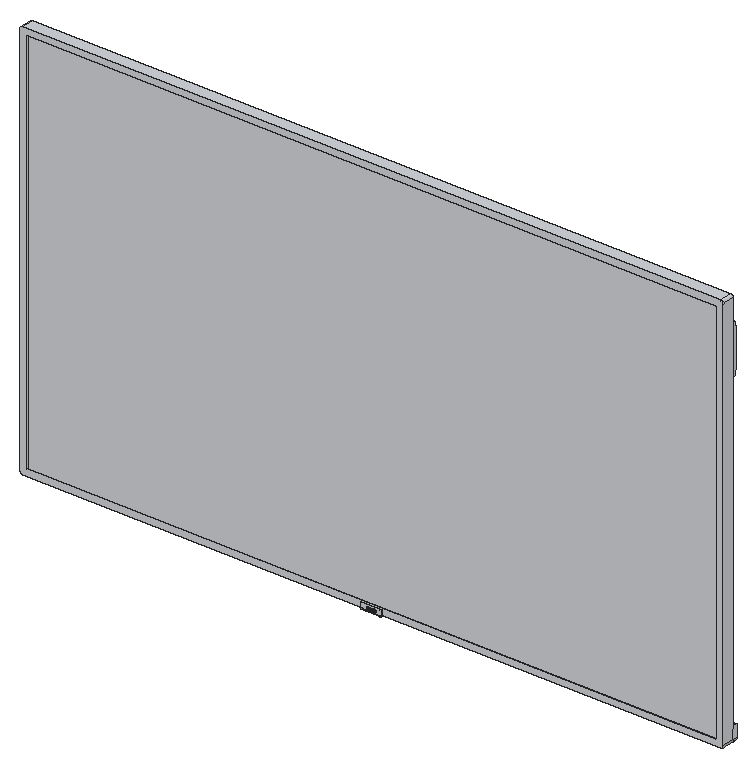
Revit family "V754Q(FINAL)", category Generic Models, Revit 2012
Parameters
  URL = "www.necdisplay.com"
  SENSORS- Temperature Sensor = "Integrated and programmable; linked to cooling fans"
  SENSORS- NFC Sensor = "Integrated; works in conjunction with free NEC Intelligent Wireless Data Application"
  SENSORS- Human Sensor = "Optional through KT-RC2 Accessory"
  SENSORS- Ambient Light Sensor = "Integrated and programmable"
  POWER CONSUMPTION- Speaker Rating = "Integrated 10W x 10W, Optional 15W x 2"
  POWER CONSUMPTION- On (Typ/Max Bightness/Overall Max) = "155W / 210W / 340W"
  POWER CONSUMPTION- Normal Standby = "0.5W"
  POWER CONSUMPTION- Network Standby = "2W"
  POWER CONSUMPTION- Current Rating = "4.0A @ 100V, 1.7A @ 240V"
  PHYSICAL SPECS- Vesa Hole Configuration = "8x M8 x 16mm (600 x 400, 400 x 400)"
  PHYSICAL SPECS- Net Weight (w/o Stand) = "115.7 lbs / 52.6 kg"
  PHYSICAL SPECS- Net Dimensions (w/o Stand, WxHxD) = "66.2 x 37.8 x 2.8 in. (1681.2 x 959.6 x 71.1 mm)"
  PHYSICAL SPECS- Bezel Width (L/R, T/B) = "1480.0mm / 1480.0mm/ 1480.0mm/ 1480.0mm"
  Model = "V754Q"  # constant formula
  Manufacturer = "NEC Display Solutions"  # constant formula
  LCD MODULE- Contrast Ratio (Typical) = "1200:1 native, not included localized dimming"
  LCD MODULE- Viewing Angle = "178deg Vert., 178deg Hor (89U/89D/89L/89R) @ CR>10"
  LCD MODULE- Viewable Image Size = "75\""
  LCD MODULE- Panel Technology = "E-LED, S-IPS"
  LCD MODULE- Orientation = "Landscape and Portrait"
  LCD MODULE- Panel Haze (%) = "28"
  LCD MODULE- Native Resolution = "3840 x 2160"
  LCD MODULE- Displayable Colors = "Over 1.07 Billion"
  LCD MODULE- Brightness (Typical/Minimum) = "350 cd/sqm / 500 cd/sqm"
  LCD MODULE- Aspect Ratio = "16 : 9"
  ENVIRONMENTAL CONDITIONS- Operating Temperature = "0 to 40 C"
  ENVIRONMENTAL CONDITIONS- Operating Humidity = "20 - 80%"
  ENVIRONMENTAL CONDITIONS- Operating Altitude = "3000m (9843ft)"
  Description = "NEC Ultra High Definition Large Format Display"  # constant formula
  CONNECTIVITY- Output Terminals- External Control = "LAN (100mb)"
  CONNECTIVITY- Output Terminals- Digital = "DisplayPort (Outputs DisplayPort1 and OPS (1CH DisplayPort Only))"
  CONNECTIVITY- Output Terminals- Audio = "3.5mm Audio Mini Jack, External Speaker Jack x2"
  CONNECTIVITY- Input Terminals- External Control = "LAN (100Mbit), 3.5 Mini Jack IR Remote, RS232C"
  CONNECTIVITY- Input Terminals- Digital = "HDMI 2.0 x3 (with HDCP), DisplayPort 1.2 x2 (with HDCP)"
  CONNECTIVITY- Input Terminals- Data = "microSD (Media Player), USB 2.0 (Media Player), USB 2.0 (Service), USB Type-B (Upstream), USB 2.0 x2 (Compute Module, USB CM1 is Powered 5V/2A)"
  CONNECTIVITY- Input Terminals- Audio = "3.5mm Mini Jack , HDMI Audio x3, DisplayPort Audio x2"
  CONNECTIVITY- Input Terminals- Analog = "none"
Reference planes
  plane 1 "Center (Front/Back)": y = 0
  plane 2: z = 0
  plane 3 "Center (Left/Right)": x = 0
  plane 4: x = 825.8
  plane 5: z = 944.803
  plane 6: z = 959.6
  plane 7: x = -825.8
  plane 8: x = 840.6
  plane 9: x = -840.6
  plane 10: z = 902.39
  plane 11: x = 800.93
  plane 12: x = -800.93
  plane 13: z = 902.39
  plane 14: x = 745.99
  plane 15: z = 7.62
  plane 16: x = -745.99
  plane 17: z = 7.62
  plane 18: z = 7.62
Forms (mm)
  Extrusion 1, solid
    sketch origin (0, 0, 0) x (1, 0, 0) y (0, 0, 1)
      loop
        line (-840.6, 953.25) -> (-840.6, 6.35)
        arc (-840.6, 6.35) -> (-838.74, 1.86) -> (-834.25, 0) r 6.35
        line (-834.25, 0) -> (834.25, 0)
        arc (834.25, 0) -> (838.74, 1.86) -> (840.6, 6.35) r 6.35
        line (840.6, 6.35) -> (840.6, 953.25)
        arc (840.6, 953.25) -> (838.74, 957.74) -> (834.25, 959.6) r 6.35
        line (834.25, 959.6) -> (-834.25, 959.6)
        arc (-834.25, 959.6) -> (-838.74, 957.74) -> (-840.6, 953.25) r 6.35
    from 52.5 to 82.8
  Extrusion 2, void
    sketch origin (0, 0, 0) x (1, 0, 0) y (0, 0, 1)
      loop
        line (-825.8, 14.8) -> (825.8, 14.8) -> (825.8, 944.803) -> (-825.8, 944.803) -> (-825.8, 14.8)
    from 79.882 to 113.336
  Extrusion 3, void
    sketch origin (0, -52.5, 0) x (1, 0, 0) y (0, 0, 1)
      loop
        circle (98.517, 260.526) r 4.65
      loop
        circle (-98.993, 260.526) r 4.65
      loop
        circle (-129.792, 466.837) r 4.65
      loop
        circle (129.317, 466.837) r 4.65
    from 0 to 20.692
  Blend 4, solid
    base sketch origin (0, -30.85, 616.982) x (0, 0, 1) y (1, 0, 0)
      loop
        arc (275.505, 669.037) -> (268.066, 686.997) -> (250.105, 694.437) r 25.4
        line (250.105, 694.437) -> (-461.518, 694.437)
        arc (-461.518, 694.437) -> (-479.479, 686.997) -> (-486.918, 669.037) r 25.4
        line (-486.918, 669.037) -> (-486.918, -669.037)
        arc (-486.918, -669.037) -> (-479.479, -686.997) -> (-461.518, -694.437) r 25.4
        line (-461.518, -694.437) -> (250.105, -694.437)
        arc (250.105, -694.437) -> (268.066, -686.997) -> (275.505, -669.037) r 25.4
        line (275.505, -669.037) -> (275.505, 669.037)
    top sketch origin (0, -30.85, 616.982) x (0, 0, 1) y (1, 0, 0)
      loop
        arc (175.973, 567.726) -> (172.253, 576.706) -> (163.273, 580.426) r 12.7
        line (163.273, 580.426) -> (-360.207, 580.426)
        arc (-360.207, 580.426) -> (-369.188, 576.706) -> (-372.907, 567.726) r 12.7
        line (-372.907, 567.726) -> (-372.907, -567.726)
        arc (-372.907, -567.726) -> (-369.188, -576.706) -> (-360.207, -580.426) r 12.7
        line (-360.207, -580.426) -> (163.273, -580.426)
        arc (163.273, -580.426) -> (172.253, -576.706) -> (175.973, -567.726) r 12.7
        line (175.973, -567.726) -> (175.973, 567.726)
    from -21.65 to 19.2
  Extrusion 5, solid
    sketch origin (0.56, -30.85, 616.982) x (0, 0, 1) y (1, 0, 0)
      loop
        spline (-533.312, 704.431) -> (-533.346, 704.953) -> (-533.448, 705.466) -> (-533.616, 705.961) -> (-533.848, 706.43) -> (-534.138, 706.865) -> (-534.483, 707.259) -> (-534.876, 707.604) -> (-535.311, 707.894) -> (-535.781, 708.126) -> (-536.276, 708.294) -> (-536.789, 708.396) -> (-537.311, 708.43)
        line (-537.311, 708.43) -> (-551.312, 708.43)
        spline (-551.312, 708.43) -> (-551.834, 708.396) -> (-552.348, 708.294) -> (-552.843, 708.126) -> (-553.312, 707.894) -> (-553.747, 707.604) -> (-554.14, 707.259) -> (-554.485, 706.865) -> (-554.776, 706.43) -> (-555.007, 705.961) -> (-555.175, 705.466) -> (-555.278, 704.953) -> (-555.312, 704.431)
        line (-555.312, 704.431) -> (-555.312, 542.429)
        spline (-555.312, 542.429) -> (-555.278, 541.907) -> (-555.175, 541.394) -> (-555.007, 540.899) -> (-554.776, 540.43) -> (-554.485, 539.995) -> (-554.14, 539.601) -> (-553.747, 539.256) -> (-553.312, 538.966) -> (-552.843, 538.734) -> (-552.348, 538.566) -> (-551.834, 538.464) -> (-551.312, 538.43)
        line (-551.312, 538.43) -> (-537.311, 538.43)
        spline (-537.311, 538.43) -> (-536.789, 538.464) -> (-536.276, 538.566) -> (-535.781, 538.734) -> (-535.311, 538.966) -> (-534.876, 539.256) -> (-534.483, 539.601) -> (-534.138, 539.995) -> (-533.848, 540.43) -> (-533.616, 540.899) -> (-533.448, 541.394) -> (-533.346, 541.907) -> (-533.312, 542.429)
        line (-533.312, 542.429) -> (-533.312, 704.431)
    from -21.65 to 37.2
  Extrusion 6, void
    sketch origin (0.56, 0, 0) x (1, 0, 0) y (0, 1, 0)
      loop
        line (576.137, -10.588) -> (670.723, -10.588)
        arc (670.723, -10.588) -> (682.054, -14.324) -> (688.941, -24.067) r 19.05
        line (688.941, -24.067) -> (696.925, -50.178) -> (714.756, -50.178) -> (714.756, 13.168) -> (530.606, 13.168) -> (530.606, -49.86) -> (550.033, -49.86) -> (557.919, -24.067)
        arc (557.919, -24.067) -> (564.805, -14.324) -> (576.137, -10.588) r 19.05
      loop
        arc (575, -18.588) -> (568.345, -21.26) -> (565.385, -27.792) r 9.624
        line (565.385, -27.792) -> (564.306, -52.5) -> (682.554, -52.5) -> (681.474, -27.773)
        arc (681.474, -27.773) -> (678.521, -21.254) -> (671.879, -18.588) r 9.604
        line (671.879, -18.588) -> (575, -18.588)
    from 52.047 to 91.346
  Extrusion 7, solid
    sketch origin (0, -30.85, 616.982) x (0, 0, 1) y (1, 0, 0)
      loop
        line (-616.982, 834.25) -> (-616.982, -834.25)
        arc (-616.982, -834.25) -> (-615.122, -838.74) -> (-610.632, -840.6) r 6.35
        line (-610.632, -840.6) -> (-580.582, -840.6) -> (-580.582, 840.6) -> (-610.632, 840.6)
        arc (-610.632, 840.6) -> (-615.122, 838.74) -> (-616.982, 834.25) r 6.35
    from -21.65 to -12.238
  Extrusion 8, solid
    sketch origin (0, 0, 0) x (0, 1, 0) y (0, 0, 1)
      loop
        line (-40.488, 7.62) -> (0, 7.62) -> (0, 139.12) -> (-50.488, 139.12) -> (-50.488, 41.42) -> (-40.488, 41.42) -> (-40.488, 7.62)
    from 733.99 to 757.99
  Extrusion 9, solid
    sketch origin (0, -30.85, 616.982) x (0, 0, 1) y (1, 0, 0)
      loop
        line (-493.862, 759.09) -> (-493.862, 758.09) -> (-477.362, 758.09) -> (-477.362, 733.89) -> (-493.862, 733.89) -> (-493.862, 732.89) -> (-477.366, 732.89)
        arc (-477.366, 732.89) -> (-476.656, 733.181) -> (-476.362, 733.89) r 1
        line (-476.362, 733.89) -> (-476.362, 758.09)
        arc (-476.362, 758.09) -> (-476.655, 758.797) -> (-477.362, 759.09) r 1
        line (-477.362, 759.09) -> (-493.862, 759.09)
    from -17.663 to 29.362
  Extrusion 10, solid
    sketch origin (0, -30.85, 616.982) x (0, 0, 1) y (1, 0, 0)
      loop
        line (-479.868, 772.29) -> (-554.068, 772.29)
        arc (-554.068, 772.29) -> (-555.475, 771.705) -> (-556.062, 770.297) r 2
        line (-556.062, 770.297) -> (-556.062, 757.99) -> (-477.862, 757.99) -> (-477.862, 770.294)
        arc (-477.862, 770.294) -> (-478.451, 771.708) -> (-479.868, 772.29) r 2
      loop
        line (-556.062, 733.99) -> (-556.062, 721.682)
        arc (-556.062, 721.682) -> (-555.47, 720.27) -> (-554.052, 719.69) r 2
        line (-554.052, 719.69) -> (-479.872, 719.69)
        arc (-479.872, 719.69) -> (-478.452, 720.271) -> (-477.862, 721.686) r 2
        line (-477.862, 721.686) -> (-477.862, 733.99) -> (-556.062, 733.99)
    from -21.65 to -19.328
  Blend 11, solid
    base sketch origin (0, -30.85, 616.982) x (0, 0, 1) y (1, 0, 0)
      loop
        line (-506.303, 247.422) -> (-506.303, 481.178)
        arc (-506.303, 481.178) -> (-510.023, 490.159) -> (-519.003, 493.878) r 12.7
        line (-519.003, 493.878) -> (-566.56, 493.878)
        arc (-566.56, 493.878) -> (-575.54, 490.159) -> (-579.26, 481.178) r 12.7
        line (-579.26, 481.178) -> (-579.26, 247.422)
        arc (-579.26, 247.422) -> (-575.54, 238.441) -> (-566.56, 234.722) r 12.7
        line (-566.56, 234.722) -> (-519.003, 234.722)
        arc (-519.003, 234.722) -> (-510.023, 238.441) -> (-506.303, 247.422) r 12.7
    top sketch origin (0, -30.85, 616.982) x (0, 0, 1) y (1, 0, 0)
      loop
        arc (-515.696, 480.9) -> (-516.749, 483.439) -> (-519.291, 484.486) r 3.586
        line (-519.291, 484.486) -> (-566.291, 484.486)
        arc (-566.291, 484.486) -> (-568.82, 483.432) -> (-569.868, 480.9) r 3.586
        line (-569.868, 480.9) -> (-569.868, 247.7)
        arc (-569.868, 247.7) -> (-568.82, 245.167) -> (-566.289, 244.114) r 3.586
        line (-566.289, 244.114) -> (-519.289, 244.114)
        arc (-519.289, 244.114) -> (-516.749, 245.162) -> (-515.696, 247.7) r 3.586
        line (-515.696, 247.7) -> (-515.696, 480.9)
    from -21.65 to -17.538
  Extrusion 12, void
    sketch origin (0, -48.388, 616.982) x (0, 0, -1) y (1, 0, 0)
      loop
        line (535.072, 454.142) -> (535.072, 370.429)
        arc (535.072, 370.429) -> (536.632, 366.661) -> (540.4, 365.1) r 5.329
        line (540.4, 365.1) -> (552.514, 365.1)
        arc (552.514, 365.1) -> (556.302, 366.669) -> (557.872, 370.458) r 5.358
        line (557.872, 370.458) -> (557.872, 454.142)
        arc (557.872, 454.142) -> (556.302, 457.931) -> (552.514, 459.5) r 5.358
        line (552.514, 459.5) -> (540.43, 459.5)
        arc (540.43, 459.5) -> (536.641, 457.931) -> (535.072, 454.142) r 5.358
    from 8.405 to -9.36
  Extrusion 13, solid
    sketch origin (0, -30.85, 616.982) x (0, 0, 1) y (1, 0, 0)
      loop
        circle (-546.072, 447.3) r 3.007
      loop
        circle (-546.072, 437.3) r 3.007
      loop
        circle (-546.072, 427.3) r 2.988
      loop
        circle (-546.072, 417.3) r 3.007
      loop
        circle (-546.072, 407.3) r 3.007
      loop
        circle (-546.072, 397.3) r 3.007
      loop
        circle (-546.072, 387.3) r 3.007
      loop
        circle (-546.072, 377.3) r 3.007
    from -25.943 to -21.65
  Extrusion 14, void
    sketch origin (0, -11.65, 616.982) x (0, 0, -1) y (1, 0, 0)
      loop
        circle (-62.818, 250) r 9.061
      loop
        circle (337.182, 250) r 9.061
      loop
        circle (337.182, -250) r 9.061
      loop
        circle (-62.818, -250) r 9.061
    from 19.092 to -9.003
  Extrusion 15, void
    sketch origin (0, -11.65, 616.982) x (0, 0, -1) y (1, 0, 0)
      loop
        line (87.181, 160) -> (7.182, 160) -> (7.182, 135.347)
        arc (7.182, 135.347) -> (9.14, 126.238) -> (14.666, 118.736) r 22.179
        line (14.666, 118.736) -> (66.585, 72.804) -> (7.183, 72.801) -> (7.182, 57.602) -> (87.181, 57.605) -> (87.181, 83.318)
        arc (87.181, 83.318) -> (85.068, 93.154) -> (79.102, 101.254) r 23.949
        line (79.102, 101.254) -> (29.882, 144.803) -> (87.181, 144.803) -> (87.181, 160)
      loop
        line (7.176, 44.324) -> (7.184, -50.238) -> (18.547, -50.238) -> (18.547, 11.044) -> (39.024, 11.044) -> (39.024, -44.639) -> (50.261, -44.639) -> (50.261, 11.044) -> (66.271, 11.043)
        arc (66.271, 11.043) -> (72.686, 8.386) -> (75.343, 1.972) r 9.071
        line (75.343, 1.972) -> (75.343, -51.038) -> (87.18, -51.038)
        arc (87.18, -51.038) -> (87.854, -20.076) -> (87.18, 10.886) r 711.698
        arc (87.18, 10.886) -> (86.368, 20.715) -> (84.794, 30.45) r 126.705
        arc (84.794, 30.45) -> (78.793, 40.413) -> (67.839, 44.324) r 17.297
        line (67.839, 44.324) -> (7.176, 44.324)
      loop
        line (6.274, -158.561) -> (17.847, -158.561)
        arc (17.847, -158.561) -> (14.707, -133.161) -> (17.847, -107.761) r 104.326
        arc (17.847, -107.761) -> (21.385, -100.831) -> (27.596, -96.143) r 17.356
        arc (27.596, -96.143) -> (47.876, -92.515) -> (67.497, -98.797) r 42.735
        arc (67.497, -98.797) -> (72.126, -103.307) -> (74.781, -109.2) r 17.329
        arc (74.781, -109.2) -> (77.788, -134.6) -> (74.781, -160) r 108.774
        line (74.781, -160) -> (87.688, -160)
        arc (87.688, -160) -> (90.325, -128.25) -> (87.688, -96.5) r 192.504
        arc (87.688, -96.5) -> (85.13, -86.108) -> (81.032, -76.221) r 70.717
        arc (81.032, -76.221) -> (50.091, -55.453) -> (16.231, -71.016) r 38.1
        arc (16.231, -71.016) -> (9.825, -82.447) -> (6.274, -95.061) r 55.568
        arc (6.274, -95.061) -> (3.789, -126.811) -> (6.274, -158.561) r 204.062
      loop
        line (64.716, 511.9) -> (64.716, 374.9)
        arc (64.716, 374.9) -> (67.986, 367.005) -> (75.882, 363.734) r 11.166
        line (75.882, 363.734) -> (209.382, 363.734)
        arc (209.382, 363.734) -> (217.277, 367.005) -> (220.547, 374.9) r 11.166
        line (220.547, 374.9) -> (220.547, 511.9)
        arc (220.547, 511.9) -> (217.277, 519.795) -> (209.382, 523.066) r 11.166
        line (209.382, 523.066) -> (75.882, 523.066)
        arc (75.882, 523.066) -> (67.986, 519.795) -> (64.716, 511.9) r 11.166
      loop
        line (220.816, 153.995) -> (220.816, 0.995)
        arc (220.816, 0.995) -> (222.507, -3.079) -> (226.582, -4.766) r 5.766
        line (226.582, -4.766) -> (332.582, -4.766)
        arc (332.582, -4.766) -> (336.659, -3.077) -> (338.347, 1) r 5.766
        line (338.347, 1) -> (338.347, 154)
        arc (338.347, 154) -> (336.659, 158.077) -> (332.582, 159.766) r 5.766
        line (332.582, 159.766) -> (226.582, 159.766)
        arc (226.582, 159.766) -> (222.503, 158.075) -> (220.816, 153.995) r 5.766
      loop
        line (147.182, -462.4) -> (147.182, -572.4) -> (297.182, -572.4) -> (297.182, -462.4) -> (147.182, -462.4)
      loop
        line (53.182, -517.4) -> (53.182, -572.4) -> (71.182, -572.4) -> (71.182, -517.4) -> (53.182, -517.4)
      loop
        line (81.182, -532.4) -> (81.182, -572.4) -> (103.182, -572.4) -> (103.182, -532.4) -> (81.182, -532.4)
      loop
        line (113.182, -523.4) -> (113.182, -572.4) -> (137.182, -572.4) -> (137.182, -523.4) -> (113.182, -523.4)
    from 0.816 to -6.572
  Extrusion 16, void
    sketch origin (0, -11.65, 616.982) x (0, 0, -1) y (1, 0, 0)
      loop
        line (56.232, 574.7) -> (324.032, 574.7) -> (324.032, 711.5) -> (56.232, 711.5) -> (56.232, 574.7)
    from 40.85 to -11.65
  Extrusion 17, solid
    sketch origin (0, -30.85, 606.428) x (0, 0, 1) y (1, 0, 0)
      loop
        line (291.962, 811.93) -> (129.445, 811.93)
        spline (129.445, 811.93) -> (128.923, 811.896) -> (128.41, 811.794) -> (127.915, 811.626) -> (127.446, 811.394) -> (127.011, 811.104) -> (126.617, 810.759) -> (126.272, 810.365) -> (125.982, 809.93) -> (125.75, 809.461) -> (125.582, 808.966) -> (125.48, 808.453) -> (125.446, 807.931)
        line (125.446, 807.931) -> (125.446, 793.929)
        spline (125.446, 793.929) -> (125.48, 793.407) -> (125.582, 792.894) -> (125.75, 792.399) -> (125.982, 791.93) -> (126.272, 791.495) -> (126.617, 791.101) -> (127.011, 790.756) -> (127.446, 790.466) -> (127.915, 790.234) -> (128.41, 790.066) -> (128.923, 789.964) -> (129.445, 789.93)
        line (129.445, 789.93) -> (291.962, 789.93)
        spline (291.962, 789.93) -> (292.485, 789.964) -> (292.998, 790.066) -> (293.493, 790.234) -> (293.962, 790.466) -> (294.397, 790.756) -> (294.791, 791.101) -> (295.135, 791.495) -> (295.426, 791.93) -> (295.657, 792.399) -> (295.826, 792.894) -> (295.928, 793.407) -> (295.962, 793.929)
        line (295.962, 793.929) -> (295.962, 807.931)
        spline (295.962, 807.931) -> (295.928, 808.453) -> (295.826, 808.966) -> (295.657, 809.461) -> (295.426, 809.93) -> (295.135, 810.365) -> (294.791, 810.759) -> (294.397, 811.104) -> (293.962, 811.394) -> (293.493, 811.626) -> (292.998, 811.794) -> (292.485, 811.896) -> (291.962, 811.93)
    from -21.65 to 25.85
  Extrusion 18, void
    sketch origin (811.93, -5, 898.391) x (0, 1, 0) y (0, 0, -1)
      loop
        line (-5.588, 128.294) -> (-5.588, 32.82)
        arc (-5.588, 32.82) -> (-9.09, 22.2) -> (-18.224, 15.748) r 17.851
        line (-18.224, 15.748) -> (-44.488, 7.717) -> (-44.488, -7.283) -> (9.976, -7.283) -> (9.976, 184.284) -> (-44.488, 184.284) -> (-44.488, 154.284) -> (-19.067, 146.511)
        arc (-19.067, 146.511) -> (-9.324, 139.625) -> (-5.588, 128.294) r 19.05
      loop
        line (-47.5, 21.877) -> (-23.08, 22.943)
        arc (-23.08, 22.943) -> (-16.344, 25.993) -> (-13.588, 32.855) r 9.922
        line (-13.588, 32.855) -> (-13.588, 129.136)
        arc (-13.588, 129.136) -> (-16.345, 136.004) -> (-23.087, 139.059) r 9.932
        line (-23.087, 139.059) -> (-47.5, 140.124) -> (-47.5, 21.877)
    from 0 to 22
  Extrusion 19, solid
    sketch origin (0, -30.85, 606.428) x (0, 0, 1) y (1, 0, 0)
      loop
        spline (291.962, -811.93) -> (292.485, -811.896) -> (292.998, -811.794) -> (293.493, -811.626) -> (293.962, -811.394) -> (294.397, -811.104) -> (294.791, -810.759) -> (295.135, -810.365) -> (295.426, -809.93) -> (295.657, -809.461) -> (295.826, -808.966) -> (295.928, -808.453) -> (295.962, -807.931)
        line (295.962, -807.931) -> (295.962, -793.929)
        spline (295.962, -793.929) -> (295.928, -793.407) -> (295.826, -792.894) -> (295.657, -792.399) -> (295.426, -791.93) -> (295.135, -791.495) -> (294.791, -791.101) -> (294.397, -790.756) -> (293.962, -790.466) -> (293.493, -790.234) -> (292.998, -790.066) -> (292.485, -789.964) -> (291.962, -789.93)
        line (291.962, -789.93) -> (129.445, -789.93)
        spline (129.445, -789.93) -> (128.923, -789.964) -> (128.41, -790.066) -> (127.915, -790.234) -> (127.446, -790.466) -> (127.011, -790.756) -> (126.617, -791.101) -> (126.272, -791.495) -> (125.982, -791.93) -> (125.75, -792.399) -> (125.582, -792.894) -> (125.48, -793.407) -> (125.446, -793.929)
        line (125.446, -793.929) -> (125.446, -807.931)
        spline (125.446, -807.931) -> (125.48, -808.453) -> (125.582, -808.966) -> (125.75, -809.461) -> (125.982, -809.93) -> (126.272, -810.365) -> (126.617, -810.759) -> (127.011, -811.104) -> (127.446, -811.394) -> (127.915, -811.626) -> (128.41, -811.794) -> (128.923, -811.896) -> (129.445, -811.93)
        line (129.445, -811.93) -> (291.962, -811.93)
    from -21.65 to 25.85
  Extrusion 20, void
    sketch origin (-811.93, -5, 735.873) x (0, 1, 0) y (0, 0, 1)
      loop
        arc (-5.588, 34.223) -> (-9.324, 22.892) -> (-19.067, 16.006) r 19.05
        line (-19.067, 16.006) -> (-44.488, 8.233) -> (-44.488, -21.767) -> (9.976, -21.767) -> (9.976, 169.8) -> (-44.488, 169.8) -> (-44.488, 154.8) -> (-18.224, 146.769)
        arc (-18.224, 146.769) -> (-9.09, 140.317) -> (-5.588, 129.697) r 17.851
        line (-5.588, 129.697) -> (-5.588, 34.223)
      loop
        line (-47.5, 140.64) -> (-47.5, 22.393) -> (-23.087, 23.459)
        arc (-23.087, 23.459) -> (-16.345, 26.513) -> (-13.588, 33.382) r 9.932
        line (-13.588, 33.382) -> (-13.588, 129.662)
        arc (-13.588, 129.662) -> (-16.344, 136.524) -> (-23.08, 139.574) r 9.922
        line (-23.08, 139.574) -> (-47.5, 140.64)
    from 0 to 22
  Extrusion 21, solid
    sketch origin (-0.023, 0, 0) x (1, 0, 0) y (0, 0, 1)
      loop
        line (-9.961, 2.001) -> (-9.007, 2.001) -> (-9.007, 5.547) -> (-6.275, 2.5)
        arc (-6.275, 2.5) -> (-5.769, 2.131) -> (-5.157, 2.001) r 1.502
        line (-5.157, 2.001) -> (-3.574, 2.001) -> (-3.574, 7) -> (-4.532, 7) -> (-4.532, 3.338) -> (-7.319, 6.429)
        arc (-7.319, 6.429) -> (-7.901, 6.851) -> (-8.603, 7) r 1.729
        line (-8.603, 7) -> (-9.961, 7) -> (-9.961, 2.001)
      loop
        line (-2.725, 7) -> (-2.725, 3.297)
        arc (-2.725, 3.297) -> (-2.326, 2.335) -> (-1.364, 1.937) r 1.36
        line (-1.364, 1.937) -> (3.249, 1.937) -> (3.249, 2.748) -> (-0.098, 2.748)
        arc (-0.098, 2.748) -> (-0.481, 2.907) -> (-0.64, 3.29) r 0.542
        line (-0.64, 3.29) -> (-0.64, 4.175) -> (2.839, 4.175) -> (2.839, 5.016) -> (-0.64, 5.016) -> (-0.64, 6.16) -> (3.178, 6.16) -> (3.178, 7) -> (-2.725, 7)
      loop
        arc (9.964, 7) -> (7.934, 7.2) -> (5.904, 7) r 10.398
        arc (5.904, 7) -> (5.347, 6.84) -> (4.824, 6.59) r 3.487
        arc (4.824, 6.59) -> (3.614, 4.234) -> (5.238, 2.141) r 2.465
        arc (5.238, 2.141) -> (5.626, 2.03) -> (6.025, 1.968) r 3.176
        arc (6.025, 1.968) -> (8.03, 1.836) -> (10.035, 1.968) r 15.265
        line (10.035, 1.968) -> (10.035, 2.882)
        arc (10.035, 2.882) -> (8.597, 2.624) -> (7.141, 2.747) r 5.618
        arc (7.141, 2.747) -> (5.683, 4.48) -> (6.989, 6.33) r 1.854
        arc (6.989, 6.33) -> (8.494, 6.507) -> (9.964, 6.138) r 4.19
        line (9.964, 6.138) -> (9.964, 7)
    from 83.703 to 83.988
  Extrusion 22, solid
    sketch origin (-0.023, 0, 0) x (0, 1, 0) y (0, 0, 1)
      loop
        arc (-83.703, -1.561) -> (-83.479, -2.102) -> (-82.938, -2.326) r 0.765
        line (-82.938, -2.326) -> (-56.991, -2.326) -> (-56.788, 0) -> (-82.901, 0) -> (-82.901, 11.557) -> (-83.703, 11.515) -> (-83.703, -1.561)
    from -24.915 to 24.96
  Extrusion 23, solid
    sketch origin (-0.56, -30.85, 616.982) x (0, 0, 1) y (1, 0, 0)
      loop
        line (-533.312, -704.431) -> (-533.312, -542.429)
        spline (-533.312, -542.429) -> (-533.346, -541.907) -> (-533.448, -541.394) -> (-533.616, -540.899) -> (-533.848, -540.43) -> (-534.138, -539.995) -> (-534.483, -539.601) -> (-534.876, -539.256) -> (-535.311, -538.966) -> (-535.781, -538.734) -> (-536.276, -538.566) -> (-536.789, -538.464) -> (-537.311, -538.43)
        line (-537.311, -538.43) -> (-551.312, -538.43)
        spline (-551.312, -538.43) -> (-551.834, -538.464) -> (-552.348, -538.566) -> (-552.843, -538.734) -> (-553.312, -538.966) -> (-553.747, -539.256) -> (-554.14, -539.601) -> (-554.485, -539.995) -> (-554.776, -540.43) -> (-555.007, -540.899) -> (-555.175, -541.394) -> (-555.278, -541.907) -> (-555.312, -542.429)
        line (-555.312, -542.429) -> (-555.312, -704.431)
        spline (-555.312, -704.431) -> (-555.278, -704.953) -> (-555.175, -705.466) -> (-555.007, -705.961) -> (-554.776, -706.43) -> (-554.485, -706.865) -> (-554.14, -707.259) -> (-553.747, -707.604) -> (-553.312, -707.894) -> (-552.843, -708.126) -> (-552.348, -708.294) -> (-551.834, -708.396) -> (-551.312, -708.43)
        line (-551.312, -708.43) -> (-537.311, -708.43)
        spline (-537.311, -708.43) -> (-536.789, -708.396) -> (-536.276, -708.294) -> (-535.781, -708.126) -> (-535.311, -707.894) -> (-534.876, -707.604) -> (-534.483, -707.259) -> (-534.138, -706.865) -> (-533.848, -706.43) -> (-533.616, -705.961) -> (-533.448, -705.466) -> (-533.346, -704.953) -> (-533.312, -704.431)
    from -21.65 to 37.2
  Extrusion 24, void
    sketch origin (-0.56, 0, 0) x (-1, 0, 0) y (0, -1, 0)
      loop
        arc (576.137, 10.588) -> (564.805, 14.324) -> (557.919, 24.067) r 19.05
        line (557.919, 24.067) -> (550.033, 49.86) -> (530.606, 49.86) -> (530.606, -13.168) -> (714.756, -13.168) -> (714.756, 50.178) -> (696.925, 50.178) -> (688.941, 24.067)
        arc (688.941, 24.067) -> (682.054, 14.324) -> (670.723, 10.588) r 19.05
        line (670.723, 10.588) -> (576.137, 10.588)
      loop
        line (575, 18.588) -> (671.879, 18.588)
        arc (671.879, 18.588) -> (678.521, 21.254) -> (681.474, 27.773) r 9.604
        line (681.474, 27.773) -> (682.554, 52.5) -> (564.306, 52.5) -> (565.385, 27.792)
        arc (565.385, 27.792) -> (568.345, 21.26) -> (575, 18.588) r 9.624
    from 52.047 to 91.346
  Extrusion 25, solid
    sketch origin (0, 0, 0) x (0, 1, 0) y (0, 0, -1)
      loop
        line (-40.488, -7.62) -> (-40.488, -41.42) -> (-50.488, -41.42) -> (-50.488, -139.12) -> (0, -139.12) -> (0, -7.62) -> (-40.488, -7.62)
    from 733.99 to 757.99
  Extrusion 26, solid
    sketch origin (0, -30.85, 616.982) x (0, 0, 1) y (1, 0, 0)
      loop
        line (-493.862, -759.09) -> (-477.362, -759.09)
        arc (-477.362, -759.09) -> (-476.655, -758.797) -> (-476.362, -758.09) r 1
        line (-476.362, -758.09) -> (-476.362, -733.89)
        arc (-476.362, -733.89) -> (-476.656, -733.181) -> (-477.366, -732.89) r 1
        line (-477.366, -732.89) -> (-493.862, -732.89) -> (-493.862, -733.89) -> (-477.362, -733.89) -> (-477.362, -758.09) -> (-493.862, -758.09) -> (-493.862, -759.09)
    from -17.663 to 29.362
  Extrusion 27, solid
    sketch origin (0, -30.85, 616.982) x (0, 0, 1) y (1, 0, 0)
      loop
        arc (-479.868, -772.29) -> (-478.451, -771.708) -> (-477.862, -770.294) r 2
        line (-477.862, -770.294) -> (-477.862, -757.99) -> (-556.062, -757.99) -> (-556.062, -770.297)
        arc (-556.062, -770.297) -> (-555.475, -771.705) -> (-554.068, -772.29) r 2
        line (-554.068, -772.29) -> (-479.868, -772.29)
      loop
        line (-556.062, -733.99) -> (-477.862, -733.99) -> (-477.862, -721.686)
        arc (-477.862, -721.686) -> (-478.452, -720.271) -> (-479.872, -719.69) r 2
        line (-479.872, -719.69) -> (-554.052, -719.69)
        arc (-554.052, -719.69) -> (-555.47, -720.27) -> (-556.062, -721.682) r 2
        line (-556.062, -721.682) -> (-556.062, -733.99)
    from -21.65 to -19.328
Cuts and joins
  Extrusion 2, Extrusion 3, Extrusion 6, Extrusion 12, Extrusion 14, Extrusion 15, Extrusion 16, Extrusion 20, Extrusion 24 cuts Extrusion 1
  Extrusion 6, Extrusion 14, Extrusion 15, Extrusion 16 cuts Blend 4
  Extrusion 6, Extrusion 24 cuts Extrusion 5
  Extrusion 12 cuts Blend 11
  Extrusion 18 cuts Extrusion 17
  Extrusion 20 cuts Extrusion 19
  Extrusion 24 cuts Extrusion 23
Dimensions and locks
  cut or joined group 1 (Extrusion 1, Extrusion 2, Extrusion 3, Extrusion 6, Extrusion 12, Extrusion 14, Extrusion 15, Extrusion 16, Extrusion 20, Extrusion 24) to cut or joined group 1 = 1681.20 mm  (x2)
  level to cut or joined group 1 = 959.60 mm
  aligned and locked: plane 2 to level
  aligned and locked: Extrusion 1 sketch curve to level
  aligned and locked: Extrusion 2 sketch curve to plane 4
  aligned and locked: plane 7 to Extrusion 2 sketch curve
  aligned and locked: Extrusion 2 sketch curve to plane 5
  aligned and locked: Extrusion 1 sketch curve to plane 6
  aligned and locked: plane 8 to Extrusion 1 sketch curve
  aligned and locked: Extrusion 1 sketch curve to plane 9
  aligned and locked: cut or joined group 1 to Extrusion 7
  aligned and locked: Extrusion 7 to cut or joined group 1
